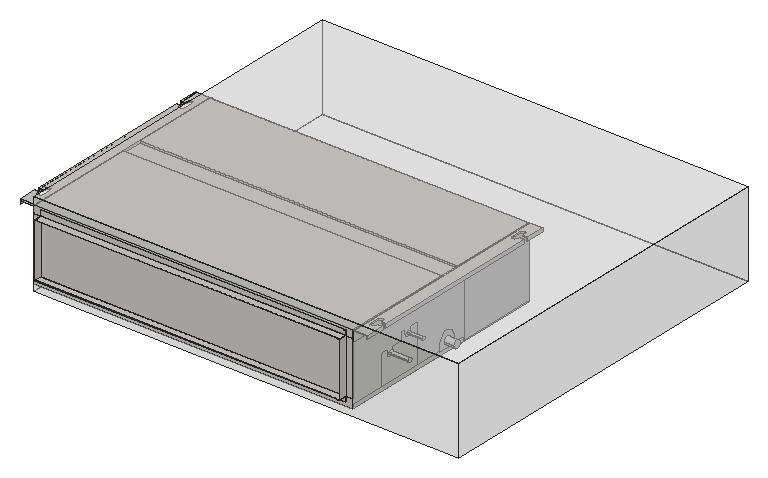
Revit family "outputfile", category 機械設備, Revit 2024
Family settings
  丸型コネクタ寸法 = 半径を使用
  パーツ タイプ = 標準
  OmniClass 番号 = 23.75.10.24.21.27.27
  OmniClass タイトル = Split System Air Conditioning Units
  作業面ベース = いいえ
  常に垂直 = はい
  ロード時にボイドで切り取り = いいえ
  注釈の向きを維持 = いいえ
  共有 = いいえ
  部屋計算ポイント = はい
Parameters (values of type "CDXM35RVM4")
  Description = ""
  書き出し IFC クラス(タイプ) = "IfcUnitaryEquipmentType"
  定義済み IFC タイプ(タイプ) = "AIRCONDITIONINGUNIT"
  Cost = 0
  Type Comments = ""
  Keynote = ""
  Type Image = (empty or 0)
  Assembly Code = ""
  switch_frequency = yes
  ld_powersupply = Depth / 2  # 310.0 mm
  製造元 = "Daikin"
  モデル = "CDXM35RVM4"
  r_Liquid Pipe Size = Liquid Pipe Size / 2  # 3.2 mm
  r_Gas Pipe Size = Gas Pipe Size / 2  # 4.75 mm
  r_Drain Pipe Size = Drain Pipe Size / 2  # 10.0 mm
  lw_powersupply = 50.0 mm  # constant formula
  lw_ductflange2 = 820.0 mm
  lw_Width = 860.0 mm
  lh_suctionflange [instance] = 100.0 mm  # constant formula
  ld_suctionflange [instance] = if(Rear Connection_Return Air, 190.0 mm, 100.0 mm)  # 190.0 mm
  connector_voltage = Voltage_50Hz  # 230 V
  connector_powerinput = if([Power Input (Cooling)] > [Power Input (Heating)], [Power Input (Cooling)], [Power Input (Heating)])  # 0.000 kW
  connector_phase = Phase_50Hz  # 1
  angle_vertical_RA [instance] = if(Rear Connection_Return Air, 90.00°, 0.00°)  # 90.00°
  angle horizontal_RA [instance] = if(Rear Connection_Return Air, 180.00°, 270.00°)  # 180.00°
  Voltage_comment_50Hz = "220 - 240"
  Voltage_50Hz = 230 V
  URL = ""
  Supply Air Direction [instance] = yes
  Sound Power Level_H speed (dB) = 0
  Rear Connection_Return Air [instance] = not(Bottom Connection_Return Air)  # yes
  RA_length [instance] = if(Rear Connection_Return Air, 190.0 mm, 100.0 mm)  # 190.0 mm
  Phase_50Hz = 1
  Minimum External Static Pressure = 0.00 Pa
  Minimum Circuit Amps_50Hz = 0.0 A
  Maximum Fuse Amps_50Hz = 0.0 A
  Maximum External Static Pressure = 40.00 Pa
  Material_Casing = DAIKIN_GalvanizedSteel_Casing_indoorunit
  lw_liquidpipe = 46.0 mm  # constant formula
  lw_gaspipe = 57.0 mm  # constant formula
  lw_mountinghole = 940.0 mm
  lw_drainpipe = 30.0 mm  # constant formula
  lh_powersupply = 150.0 mm  # constant formula
  lh_liquidpipe = 90.0 mm  # constant formula
  lh_gaspipe = 113.0 mm  # constant formula
  lh_mountinghole = Height  # 200.0 mm
  lh_drainpipe = 170.0 mm  # constant formula
  lh_antena = 1.0 mm  # constant formula
  ld_liquidpipe = 193.0 mm  # constant formula
  ld_gaspipe = 130.0 mm  # constant formula
  ld_mountinghole = 500.0 mm  # constant formula
  ld_drainpipe = 330.0 mm  # constant formula
  ld_controlbox = 626.0 mm  # constant formula
  h*** = 0.0 mm  # constant formula
  d_dischargeflange = 21.2 mm  # constant formula
  Width = 900.0 mm
  Version = "ver.1.0"
  Unit Type = "Duct (L.S.P)"
  Unit Mass Weight = 25.00 kg
  Unit Designation [instance] = ""
  Uniclass2015Version = "Products v1.30"
  Uniclass2015Title = "Split coil room air conditioning units"
  Uniclass2015Code = "Pr_70_65_03_86"
  Total Heating Capacity [instance] = 0.000 kW
  Total Cooling Capacity [instance] = 0.000 kW
  Sound Pressure Level_M speed (dBA) = 33
  Sound Pressure Level_L speed (dBA) = 31
  Sound Pressure Level_H speed (dBA) = 35
  Series = "Multi Split_Fan Coil Unit"
  Sensible Cooling Capacity [instance] = 0.000 kW
  SA Duct Size Width = 860.0 mm
  SA Duct Size Height = 153.0 mm
  Refrigerant Type = "R32"
  RA Duct Size Width = 780.0 mm
  RA Duct Size Height = 160.0 mm
  Power Input (Heating) = 0.000 kW
  Power Input (Cooling) = 0.000 kW
  Option Accessory 3 [instance] = ""
  Option Accessory 2 [instance] = ""
  Option Accessory 1 [instance] = ""
  Nominal Heating Capacity = 4.300 kW
  Nominal Cooling Capacity = 3.500 kW
  Minimum Airflow = 510.00 m³/h
  Median Airflow = 558.00 m³/h
  Maximum Airflow = 600.00 m³/h
  Load Classification = HVAC
  Liquid Pipe Size = 6.4 mm
  Link_Nested Family [instance] = ""
  IfcVersion = ""
  IfcExportType = "AIRCONDITIONINGUNIT"
  IfcExportAs = "IfcUnitaryEquipmentType"
  Height = 200.0 mm
  Heating Entering Wet Bulb Temperature [instance] = 0.00 °C
  Heating Entering Dry Bulb Temperature [instance] = 0.00 °C
  Heating Ambient Wet Bulb Temperature [instance] = 0.00 °C
  Heating Ambient Dry Bulb Temperature [instance] = 0.00 °C
  Heat Exchanger Type = "Cross Fin Coil"
  Gas Pipe Size = 9.5 mm
  Frequency_50Hz = 50 Hz
  Fan Type = "Sirocco Fan"
  Fan Drive = "Direct Drive"
  FCU Tag No. [instance] = ""
  Drain Pipe Size = 20.0 mm
  Design Supply Airflow [instance] = 0.00 m³/h
  Design Return Airflow [instance] = 0.00 m³/h
  Design External Static Pressure [instance] = 0.00 Pa
  Depth = 620.0 mm
  既定の高さ = 0.0 mm
  Cooling Entering Wet Bulb Temperature [instance] = 0.00 °C
  Cooling Entering Dry Bulb Temperature [instance] = 0.00 °C
  Cooling Ambient Wet Bulb Temperature [instance] = 0.00 °C
  Cooling Ambient Dry Bulb Temperature [instance] = 0.00 °C
  Clearance visibility [instance] = yes
  Clearance Top = 20.0 mm
  Clearance Right = 300.0 mm
  Clearance Rear = 400.0 mm
  Clearance Left = 0.0 mm
  Clearance Front = 0.0 mm
  Clearance Bottom = 20.0 mm
  Bottom Connection_Return Air [instance] = no
Reference planes
  plane 1 "Center (Front/Back)": y = 0
  plane 2: z = 0
  plane 3 "Center (Left/Right)": x = 0
  plane 4 "Back": y = 310
  plane 5 "Front": y = -310
  plane 6 "Left": x = -450
  plane 7 "Right": x = 450
  plane 8 "Top": z = 0
  plane 9 "Bottom": z = -200
  plane 10: x = -470
  plane 11: x = 470
  plane 12: y = 250
  plane 13: z = 0
  plane 14 "Clearance Left": x = -450
  plane 15 "Clearance Right": x = 750
  plane 16 "Clearance Rear": y = 710
  plane 17 "Clearance Front": y = -310
  plane 18 "Clearance Top": z = 20
  plane 19 "Clearance Bottom": z = -220
  plane 20: y = -250
  plane 21: z = -21
  plane 22: z = -97.5
  plane 23: x = -40
  plane 24: y = 120
  plane 25: z = -100
  plane 26: y = -180
  plane 27: z = -113
  plane 28: y = -117
  plane 29: z = -90
  plane 30: y = 20
  plane 31: z = -170
  plane 32: x = 507
  plane 33: x = 496
  plane 34: x = 480
  plane 35: x = 400
  plane 36: z = -150
Forms (mm)
  Extrusion 1, solid, material "DAIKIN_GalvanizedSteel_Casing_indoorunit" <- "Material_Casing"
    sketch origin (0, 0, 0) x (1, 0, 0) y (0, 1, 0)
      loop
        line (-450, -310) -> (450, -310) -> (450, 310) -> (-450, 310) -> (-450, -310)
    from -200 to 0
  Extrusion 2, void
    sketch origin (0, 0, 1) x (1, 0, 0) y (0, 1, 0)
      loop
        line (-450, 61.5) -> (-450, 3.5) -> (450, 3.5) -> (450, 61.5) -> (-450, 61.5)
    from -1 to -7
  Extrusion 3, solid, material "DAIKIN_GalvanizedSteel_Casing_indoorunit" <- "Material_Casing", visible <- "Bottom Connection_Return Air"
    sketch origin (0, 0, 0) x (1, 0, 0) y (0, 0, 1)
      loop
        line (369, -200) -> (369, -1) -> (-449, -1) -> (-449, -200) -> (369, -200)
    from -310 to -309
  Extrusion 4, solid, material "DAIKIN_GalvanizedSteel_Casing_indoorunit" <- "Material_Casing", visible <- "Rear Connection_Return Air"
    sketch origin (0, 0, 0) x (1, 0, 0) y (0, 1, 0)
      loop
        line (-449, 310) -> (-449, 111) -> (369, 111) -> (369, 310) -> (-449, 310)
    from -200 to -199
  Extrusion 5, solid, material "DAIKIN_GalvanizedSteel_Casing_indoorunit" <- "Material_Casing"
    sketch origin (450, 0, 0) x (0, 1, 0) y (0, 0, 1)
      loop
        circle (-180, -113) r 4.75
    from 0 to 57
  Extrusion 6, solid, material "DAIKIN_GalvanizedSteel_Casing_indoorunit" <- "Material_Casing"
    sketch origin (450, 0, 0) x (0, 1, 0) y (0, 0, 1)
      loop
        circle (-117, -90) r 3.2
    from 0 to 46
  Extrusion 7, solid, material "DAIKIN_GalvanizedSteel_Casing_indoorunit" <- "Material_Casing"
    sketch origin (450, 0, 0) x (0, 1, 0) y (0, 0, 1)
      loop
        circle (20, -170) r 10
    from 0 to 30
  Extrusion 8, solid, material "DAIKIN_GalvanizedSteel_Casing_indoorunit" <- "Material_Casing"
    sketch origin (450, 0, 0) x (0, 1, 0) y (0, 0, 1)
      loop
        line (-310, -200) -> (78.6, -200) -> (78.6, -193)
        arc (78.6, -193) -> (77.721, -190.879) -> (75.6, -190) r 3
        line (75.6, -190) -> (-310, -190) -> (-310, -200)
    from 0 to -1
  Extrusion 9, solid, material "DAIKIN_GalvanizedSteel_Casing_indoorunit" <- "Material_Casing"
    sketch origin (450, 0, 0) x (0, 1, 0) y (0, 0, 1)
      loop
        line (-210, -190) -> (-85.6, -190) -> (-85.6, -83)
        arc (-85.6, -83) -> (-86.479, -80.879) -> (-88.6, -80) r 3
        line (-88.6, -80) -> (-102, -80)
        arc (-102, -80) -> (-104.121, -80.879) -> (-105, -83) r 3
        line (-105, -83) -> (-105, -90)
        arc (-105, -90) -> (-117, -102) -> (-129, -90) r 12
        line (-129, -90) -> (-129, -83)
        arc (-129, -83) -> (-129.879, -80.879) -> (-132, -80) r 3
        line (-132, -80) -> (-136.1, -80)
        arc (-136.1, -80) -> (-138.221, -80.879) -> (-139.1, -83) r 3
        line (-139.1, -83) -> (-139.1, -102.7) -> (-165, -102.7)
        arc (-165, -102.7) -> (-167.121, -103.579) -> (-168, -105.7) r 3
        line (-168, -105.7) -> (-168, -113)
        arc (-168, -113) -> (-180, -125) -> (-192, -113) r 12
        line (-192, -113) -> (-192, -105.7)
        arc (-192, -105.7) -> (-192.879, -103.579) -> (-195, -102.7) r 3
        line (-195, -102.7) -> (-207, -102.7)
        arc (-207, -102.7) -> (-209.121, -103.579) -> (-210, -105.7) r 3
        line (-210, -105.7) -> (-210, -190)
    from 0 to -1
  Extrusion 10, solid, material "DAIKIN_GalvanizedSteel_Casing_indoorunit" <- "Material_Casing"
    sketch origin (450, 0, 0) x (0, 1, 0) y (0, 0, 1)
      loop
        arc (44.5, -170) -> (20, -145.5) -> (-4.5, -170) r 24.5
        line (-4.5, -170) -> (-4.5, -190) -> (44.5, -190) -> (44.5, -170)
    from 0 to -1
  Extrusion 11, solid, material "DAIKIN_GalvanizedSteel_Casing_indoorunit" <- "Material_Casing"
    sketch origin (450, 0, 0) x (0, 1, 0) y (0, 0, 1)
      loop
        arc (86.6, -22) -> (84.479, -22.879) -> (83.6, -25) r 3
        line (83.6, -25) -> (83.6, -194.5)
        arc (83.6, -194.5) -> (84.479, -196.621) -> (86.6, -197.5) r 3
        line (86.6, -197.5) -> (307, -197.5)
        arc (307, -197.5) -> (309.121, -196.621) -> (310, -194.5) r 3
        line (310, -194.5) -> (310, -25)
        arc (310, -25) -> (309.121, -22.879) -> (307, -22) r 3
        line (307, -22) -> (86.6, -22)
    from 0 to -1
Cuts and joins
  Extrusion 2 cuts Extrusion 1
Dimensions and locks
  "Height": plane 8 "Top" to plane 9 "Bottom"
  equal spacing: plane 10, plane 3 "Center (Left/Right)", plane 11
  "lw_mountinghole": plane 10 to plane 11
  equal spacing: plane 6 "Left", plane 3 "Center (Left/Right)", plane 7 "Right"
  "Width": plane 6 "Left" to plane 7 "Right"
  "Clearance Right": plane 7 "Right" to plane 15 "Clearance Right"
  "Clearance Left": plane 14 "Clearance Left" to plane 6 "Left"
  "Clearance Rear": plane 16 "Clearance Rear" to plane 4 "Back"
  "Clearance Front": plane 5 "Front" to plane 17 "Clearance Front"
  "Clearance Top": plane 18 "Clearance Top" to plane 8 "Top"
  "Clearance Bottom": plane 9 "Bottom" to plane 19 "Clearance Bottom"
  "Depth": plane 4 "Back" to plane 5 "Front"
  equal spacing: plane 4 "Back", plane 1 "Center (Front/Back)", plane 5 "Front"
  Extrusion 3 sketch curve to Extrusion 3 sketch curve = 199.0 mm
  locked: plane 20 to plane 5 "Front" at 60
  "ld_mountinghole": plane 12 to plane 20
  locked: plane 8 "Top" to plane 21 at 21
  locked: plane 23 to plane 3 "Center (Left/Right)" at 40
  "ld_suctionflange": plane 4 "Back" to plane 24
  "lh_suctionflange": plane 8 "Top" to plane 25
  "ld_gaspipe": plane 26 to plane 5 "Front"
  "lh_gaspipe": plane 8 "Top" to plane 27
  "ld_liquidpipe": plane 28 to plane 5 "Front"
  "lh_liquidpipe": plane 8 "Top" to plane 29
  "ld_drainpipe": plane 30 to plane 5 "Front"
  "lh_drainpipe": plane 8 "Top" to plane 31
  "lw_gaspipe": plane 7 "Right" to plane 32
  "lw_liquidpipe": plane 7 "Right" to plane 33
  "lw_drainpipe": plane 7 "Right" to plane 34
  "lw_powersupply": plane 35 to plane 7 "Right"
  "lh_powersupply": plane 8 "Top" to plane 36
  "r_Gas Pipe Size": radius of Extrusion 5 sketch curve
  "r_Liquid Pipe Size": radius of Extrusion 6 sketch curve
  "r_Drain Pipe Size": radius of Extrusion 7 sketch curve
  aligned and locked: level to plane 2
  aligned and locked: Extrusion 1 to plane 9 "Bottom"
  aligned and locked: plane 8 "Top" to Extrusion 1
  aligned and locked: plane 11 to nested 2
  aligned and locked: plane 10 to nested 3
  aligned and locked: plane 10 to nested 4
  aligned and locked: plane 8 "Top" to Extrusion 2
  aligned and locked: plane 9 "Bottom" to Extrusion 4  (x2)
  aligned and locked: plane 7 "Right" to cut or joined group of Extrusion 1, Extrusion 2  (x2)
  aligned and locked: plane 3 "Center (Left/Right)" to nested 9
  aligned and locked: plane 6 "Left" to nested 7
  aligned and locked: plane 8 "Top" to nested 9
  aligned and locked: plane 11 to nested 1
  aligned and locked: nested 6 to plane 1 "Center (Front/Back)"
  aligned and locked: plane 3 "Center (Left/Right)" to nested 6
  aligned and locked: level to plane 8 "Top"
  aligned and locked: plane 1 "Center (Front/Back)" to nested 9
  aligned and locked: plane 5 "Front" to nested 10
  aligned and locked: Extrusion 1 sketch curve to plane 5 "Front"
  aligned and locked: plane 21 to nested 10
  aligned and locked: nested 5 to plane 5 "Front"
  aligned and locked: plane 3 "Center (Left/Right)" to nested 5
  aligned and locked: plane 22 to nested 5
  aligned and locked: Extrusion 2 sketch curve to plane 6 "Left"
  aligned and locked: plane 7 "Right" to Extrusion 2 sketch curve
  aligned and locked: nested 11 to plane 23
  aligned and locked: nested 11 to plane 24
  aligned and locked: plane 27 to Extrusion 5 sketch curve
  aligned and locked: plane 26 to Extrusion 5 sketch curve
  aligned and locked: plane 28 to Extrusion 6 sketch curve
  aligned and locked: plane 29 to Extrusion 6 sketch curve
  aligned and locked: plane 31 to Extrusion 7 sketch curve
  aligned and locked: plane 30 to Extrusion 7 sketch curve
  aligned and locked: plane 26 to nested 12
  aligned and locked: nested 12 to plane 27
  aligned and locked: plane 32 to Extrusion 5
  aligned and locked: plane 32 to nested 12
  aligned and locked: plane 33 to Extrusion 6
  aligned and locked: plane 28 to nested 13
  aligned and locked: nested 13 to plane 29
  aligned and locked: plane 33 to nested 13
  aligned and locked: plane 34 to Extrusion 7
  aligned and locked: plane 30 to nested 14
  aligned and locked: nested 14 to plane 31
  aligned and locked: plane 34 to nested 14
  aligned and locked: Extrusion 8 sketch curve to plane 9 "Bottom"
  aligned and locked: Extrusion 8 sketch curve to plane 5 "Front"
  aligned and locked: plane 14 "Clearance Left" to nested 15
  aligned and locked: plane 15 "Clearance Right" to nested 15
  aligned and locked: plane 16 "Clearance Rear" to nested 15
  aligned and locked: nested 15 to plane 17 "Clearance Front"
  aligned and locked: nested 15 to plane 18 "Clearance Top"
  aligned and locked: nested 15 to plane 19 "Clearance Bottom"
  aligned and locked: nested 16 to plane 35
  aligned and locked: nested 16 to plane 36
  aligned and locked: plane 4 "Back" to nested 16
Automatic sketch dimensions
  Extrusion 1 sketch curve to plane 4 "Back" = 0.0 mm
  Extrusion 1 sketch curve to plane 6 "Left" = 0.0 mm
  Extrusion 1 sketch curve to plane 7 "Right" = 0.0 mm
  Extrusion 4 sketch curve to plane 4 "Back" = 0.0 mm
  plane 6 "Left" to Extrusion 3 sketch curve = 1.0 mm
  plane 6 "Left" to Extrusion 4 sketch curve = 1.0 mm
  Extrusion 4 sketch curve to plane 1 "Center (Front/Back)" = 111.0 mm
  Extrusion 3 sketch curve to plane 9 "Bottom" = 0.0 mm
  Extrusion 3 sketch curve to plane 7 "Right" = 81.0 mm
  Extrusion 4 sketch curve to plane 7 "Right" = 81.0 mm
  Extrusion 2 sketch curve to plane 1 "Center (Front/Back)" = 3.5 mm
  Extrusion 2 sketch curve to Extrusion 2 sketch curve = 58.0 mm
  plane 9 "Bottom" to Extrusion 8 sketch curve = 7.0 mm
  Extrusion 8 sketch curve to plane 24 = 44.4 mm
  Extrusion 8 sketch curve to Extrusion 8 sketch curve = 3.0 mm
  Extrusion 9 sketch curve to plane 27 = 0.0 mm
  Extrusion 9 sketch curve to plane 26 = 0.0 mm
  Extrusion 9 sketch curve to plane 29 = 0.0 mm
  Extrusion 9 sketch curve to plane 28 = 0.0 mm
  Extrusion 9 sketch curve to plane 26 = 12.0 mm
  Extrusion 9 sketch curve to plane 25 = 2.7 mm  (x2)
  Extrusion 9 sketch curve to Extrusion 9 sketch curve = 3.0 mm  (x6)
  Extrusion 9 sketch curve to Extrusion 9 sketch curve = 12.0 mm
  plane 9 "Bottom" to Extrusion 9 sketch curve = 10.0 mm
  Extrusion 9 sketch curve to plane 26 = 30.0 mm
  Extrusion 9 sketch curve to plane 28 = 22.1 mm
  Extrusion 9 sketch curve to Extrusion 9 sketch curve = 4.1 mm
  plane 29 to Extrusion 9 sketch curve = 7.0 mm  (x2)
  Extrusion 9 sketch curve to Extrusion 9 sketch curve = 13.4 mm
  Extrusion 10 sketch curve to plane 30 = 0.0 mm
  Extrusion 10 sketch curve to plane 31 = 0.0 mm
  plane 1 "Center (Front/Back)" to Extrusion 10 sketch curve = 4.5 mm
  plane 9 "Bottom" to Extrusion 10 sketch curve = 10.0 mm
  Extrusion 11 sketch curve to plane 4 "Back" = 0.0 mm
  Extrusion 11 sketch curve to Extrusion 11 sketch curve = 3.0 mm  (x3)
  Extrusion 11 sketch curve to plane 21 = 1.0 mm
  Extrusion 11 sketch curve to plane 21 = 4.0 mm
  Extrusion 11 sketch curve to plane 24 = 33.4 mm
  plane 9 "Bottom" to Extrusion 11 sketch curve = 5.5 mm
Nested families
  nested 1: "daikin_mountinghole" at (470, 250, -200), l_antenna <- "lh_antena", Link_Nested Family <- "Link_Nested Family", h_mountinghole <- "lh_mountinghole", type "daikin_mountinghole"
    with show yes, l_antenna 1.0 mm, h_mountinghole 200.0 mm, Link_Nested Family ""
  nested 2: "daikin_mountinghole" at (470, -250, -200), Link_Nested Family <- "Link_Nested Family", l_antenna <- "lh_antena", h_mountinghole <- "lh_mountinghole", type "daikin_mountinghole"
    with show yes, l_antenna 1.0 mm, h_mountinghole 200.0 mm, Link_Nested Family ""
  nested 3: "daikin_mountinghole" at (-470, -250, -200), l_antenna <- "lh_antena", Link_Nested Family <- "Link_Nested Family", h_mountinghole <- "lh_mountinghole", type "daikin_mountinghole"
    with show yes, l_antenna 1.0 mm, h_mountinghole 200.0 mm, Link_Nested Family ""
  nested 4: "daikin_mountinghole" at (-470, 250, -200), l_antenna <- "lh_antena", Link_Nested Family <- "Link_Nested Family", h_mountinghole <- "lh_mountinghole", type "daikin_mountinghole"
    with show yes, l_antenna 1.0 mm, h_mountinghole 200.0 mm, Link_Nested Family ""
  nested 5: "daikin_connector_rotate2" at (0, -310, -97.5), length <- "d_dischargeflange", type "daikin_connector_rotate2"
    with radius 10.0 mm, length 21.2 mm, angle_vertical 90.00°, show_face no
  nested 6: "daikin_△_symbolicline" at (-75, -129.904, 200) x (-0.5, 0.866, 0) z (0, 0, 1), built-in parameter 1001364 <- "Height", visible <- "Supply Air Direction", type "daikin_△_symbolicline"
    with length 300.0 mm
  nested 7: "daikin_ductflange_CDXM-RVM4_1" at (-40, 310, -100), visible <- "Rear Connection_Return Air", material <- "Material_Casing", width <- "lw_ductflange2", type "daikin_ductflange_CDXM-RVM4_1"
    with width 820.0 mm, material DAIKIN_GalvanizedSteel_Casing_indoorunit, height 180.0 mm, depth 21.2 mm
  nested 8: "daikin_ductflange_CDXM-RVM4_1" at (-40, 210, -200) x (1, 0, 0) z (0, 1, 0), visible <- "Bottom Connection_Return Air", material <- "Material_Casing", width <- "lw_ductflange2", type "daikin_ductflange_CDXM-RVM4_1"
    with width 820.0 mm, material DAIKIN_GalvanizedSteel_Casing_indoorunit, height 180.0 mm, depth 21.2 mm
  nested 9: "daikin_hangerfixture_CDXM-RVM4" at (0, 0, 0), type "daikin_hangerfixture_CDXM-RVM4"
    with width 900.0 mm
  nested 10: "daikin_ductflange_CDXM-RVM4" at (0, 3.5, -364.201), width <- "lw_Width", material <- "Material_Casing", type "daikin_ductflange_CDXM-RVM4"
    with width 860.0 mm, material DAIKIN_GalvanizedSteel_Casing_indoorunit, height 155.0 mm, depth 21.2 mm
  nested 11: "daikin_connector_rotate3" at (-40, 120, -100), length <- "RA_length", angle_vertical <- "angle_vertical_RA", angle_horizontal <- "angle horizontal_RA", type "daikin_connector_rotate3"
    with show no, radius 10.0 mm, length 190.0 mm, angle_vertical 90.00°, angle_horizontal 180.00°
  nested 12: "daikin_connector_rotate2" at (450, -180, -113) x (0, 1, 0) z (0, 0, 1), length <- "lw_gaspipe", radius <- "r_Gas Pipe Size", type "daikin_connector_rotate2"
    with radius 4.75 mm, length 57.0 mm, angle_vertical 90.00°, show_face no
  nested 13: "daikin_connector_rotate2" at (450, -117, -90) x (0, 1, 0) z (0, 0, 1), radius <- "r_Liquid Pipe Size", length <- "lw_liquidpipe", type "daikin_connector_rotate2"
    with radius 3.2 mm, length 46.0 mm, angle_vertical 90.00°, show_face no
  nested 14: "daikin_connector_rotate2" at (450, 20, -170) x (0, 1, 0) z (0, 0, 1), radius <- "r_Drain Pipe Size", length <- "lw_drainpipe", type "daikin_connector_rotate2"
    with radius 10.0 mm, length 30.0 mm, angle_vertical 90.00°, show_face no
  nested 15: "daikin_clearancespace" at (150, 200, -99.881), visible <- "Clearance visibility", Link_Nested Family <- "Link_Nested Family", show <- "Clearance visibility", type "daikin_clearancespace"
    with width 1200.0 mm, show yes, height 240.0 mm, depth 1020.0 mm, Link_Nested Family ""
  nested 16: "daikin_connector_rotate2" at (400, 0, -150) x (-1, 0, 0) z (0, 0, 1), length <- "ld_powersupply", type "daikin_connector_rotate2"
    with radius 10.0 mm, length 310.0 mm, angle_vertical 90.00°, show_face no
Connectors
  hvac at (0, -331.2, -97.5), driven by "SA Duct Size Height", driven by "SA Duct Size Width"
    settings: on nested 5, index 1, duct flow 0.00 m³/h, flow factor 0, pres drop 0.00 Pa, loss coef 0, conn angle 0.00°, conn width 860.0 mm, conn height 153.0 mm, conn diameter 609.6 mm, duct sys type 1, conn prof type 1, flow config 0, flow direction 2, loss method 4, conn ref index -1, conn util no, is conn primary yes, conn desc "SA Duct"
  hvac at (-40, 310, -100), driven by "RA Duct Size Height", driven by "RA Duct Size Width"
    settings: on nested 11, index 2, duct flow 0.00 m³/h, flow factor 0, pres drop 0.00 Pa, loss coef 0, conn angle 0.00°, conn width 780.0 mm, conn height 160.0 mm, conn diameter 609.6 mm, duct sys type 2, conn prof type 1, flow config 0, flow direction 1, loss method 4, conn ref index -1, conn util no, is conn primary no, conn desc "RA Duct"
  piping at (507, -180, -113), diameter 9.5, driven by "r_Gas Pipe Size"
    settings: on nested 12, index 3, connector inside diameter 609.6 mm, connector length 0.0 mm, flow factor 0, pipe flow 0.00 m³/h, pressure drop 0.0 Pa, fitting loss kfactor 0, connector angle 0.00°, fixture units 0, engagement length 0.0 mm, angle of deflection 0.00°, flow configuration 1, flow direction 2, fitting loss method 0, system type 29, joint type 0, gender type 0, connector reference index -1, connector utility 0, adjustable connector no, is connector primary yes, connector description "Refrigerant Gas Piping"
  piping at (496, -117, -90), diameter 6.4, driven by "r_Liquid Pipe Size"
    settings: on nested 13, index 4, connector inside diameter 609.6 mm, connector length 0.0 mm, flow factor 0, pipe flow 0.00 m³/h, pressure drop 0.0 Pa, fitting loss kfactor 0, connector angle 0.00°, fixture units 0, engagement length 0.0 mm, angle of deflection 0.00°, flow configuration 1, flow direction 1, fitting loss method 0, system type 29, joint type 0, gender type 0, connector reference index -1, connector utility 0, adjustable connector no, is connector primary no, connector description "Refrigerant Liquid Piping"
  piping at (480, 20, -170), diameter 20, driven by "r_Drain Pipe Size"
    settings: on nested 14, index 5, connector inside diameter 609.6 mm, connector length 0.0 mm, flow factor 0, pipe flow 0.00 m³/h, pressure drop 0.0 Pa, fitting loss kfactor 0, connector angle 0.00°, fixture units 0, engagement length 0.0 mm, angle of deflection 0.00°, flow configuration 1, flow direction 2, fitting loss method 4, system type 16, joint type 0, gender type 0, connector reference index -1, connector utility 0, adjustable connector no, is connector primary no, connector description "Condensate Drain Piping"
  electrical at (400, 310, -150), driven by "Load Classification", driven by "connector_phase", driven by "connector_voltage", driven by "connector_powerinput"
    settings: on nested 16, index 6, voltage 230 V, apparent load 0 VA, apparent load phase1 0 VA, apparent load phase2 0 VA, apparent load phase3 0 VA, power factor 1, load classification "HVAC", number of poles 1, system type 30, power factor state 1, is connector primary yes, connector utility no, sub classification motor no, connector description "Power Supply"
Definition of nested family "daikin_ductflange_CDXM-RVM4_1"
  Parameters (values of type "daikin_ductflange_CDXM-RVM4_1")
    width [instance] = 620.0 mm
    material [instance] = none
    height [instance] = 180.0 mm
    depth [instance] = 21.2 mm
    Default Elevation = 0.0 mm
  Reference planes
    plane 1 "Center (Front/Back)": y = 0
    plane 2: z = 0
    plane 3 "Center (Left/Right)": x = 0
    plane 4: x = -310
    plane 5: x = 310
    plane 6: z = 90
    plane 7: z = -90
    plane 8: z = 100
    plane 9: z = -100
    plane 10: x = -309
    plane 11: x = 309
  Forms (mm)
    Extrusion 1, solid, material <- "material"
      sketch origin (0, 0, 0) x (1, 0, 0) y (0, 0, 1)
        loop
          line (-290, 80) -> (-290, -80) -> (290, -80) -> (290, 80) -> (-290, 80)
        loop
          line (-309, -99) -> (309, -99) -> (309, 99) -> (-309, 99) -> (-309, -99)
      from 0 to 1
  Dimensions and locks
    equal spacing: plane 5, plane 3 "Center (Left/Right)", plane 4, locked at 310 each
    "width": plane 5 to plane 4
    equal spacing: plane 6, level, plane 7, locked at 90 each
    "height": plane 6 to plane 7
    equal spacing: plane 8, level, plane 9, locked at 100 each
    locked: plane 8 to plane 9 at 200
    plane 10 to plane 4 = 1.0 mm
    locked: plane 5 to plane 11 at 1
    locked: Extrusion 1 sketch curve to Extrusion 1 sketch curve at 19  (x4)
    locked: plane 8 to Extrusion 1 sketch curve at 1
    locked: Extrusion 1 sketch curve to plane 9 at 1
    aligned and locked: level to plane 2
  Automatic sketch dimensions
    plane 4 to Extrusion 1 sketch curve = 1.0 mm
    Extrusion 1 sketch curve to plane 5 = 1.0 mm
Definition of nested family "daikin_hangerfixture_CDXM-RVM4"
  Parameters (values of type "daikin_hangerfixture_CDKS-EAVMA")
    width = 700.0 mm
    material = none
    height = 30.0 mm
    depth = 618.0 mm
    Default Elevation = 0.0 mm
  Reference planes
    plane 1 "Center (Front/Back)": y = 0
    plane 2: z = 0
    plane 3 "Center (Left/Right)": x = 0
    plane 4: x = 350
    plane 5: y = 309
    plane 6: y = -309
    plane 7: x = -350
    plane 8: z = -30
  Forms (mm)
    Extrusion 1, solid, material <- "material"
      sketch origin (0, 0, 0) x (1, 0, 0) y (0, 0, 1)
        loop
          line (350, 0) -> (350, -30) -> (352.3, -30) -> (352.3, -2.3) -> (387.7, -2.3) -> (387.7, -10) -> (390, -10) -> (390, 0) -> (350, 0)
      from -309 to 309
    Extrusion 2, void
      sketch origin (0, 0, 0) x (0, 1, 0) y (0, 0, 1)
        loop
          line (309, -30) -> (309, -17.979) -> (87.935, -17.979) -> (75.914, -30) -> (309, -30)
      from 0 to 450
    Extrusion 3, void
      sketch origin (0, 0, 0) x (1, 0, 0) y (0, 1, 0)
        loop
          line (390, -243.5) -> (377, -243.5) -> (377, -237)
          arc (377, -237) -> (370, -230) -> (363, -237) r 7
          line (363, -237) -> (363, -263)
          arc (363, -263) -> (370, -270) -> (377, -263) r 7
          line (377, -263) -> (377, -256.5) -> (390, -256.5) -> (390, -243.5)
        loop
          line (390, 243.5) -> (390, 256.5) -> (377, 256.5) -> (377, 263)
          arc (377, 263) -> (370, 270) -> (363, 263) r 7
          line (363, 263) -> (363, 237)
          arc (363, 237) -> (370, 230) -> (377, 237) r 7
          line (377, 237) -> (377, 243.5) -> (390, 243.5)
      from -254.96 to 618
    Extrusion 4, solid, material <- "material"
      sketch origin (0, 0, 0) x (-1, 0, 0) y (0, 0, -1)
        loop
          line (350, 0) -> (390, 0) -> (390, 10) -> (387.7, 10) -> (387.7, 2.3) -> (352.3, 2.3) -> (352.3, 30) -> (350, 30) -> (350, 0)
      from -309 to 309
    Extrusion 5, void
      sketch origin (0, 0, 0) x (-1, 0, 0) y (0, -1, 0)
        loop
          line (390, 243.5) -> (390, 256.5) -> (377, 256.5) -> (377, 263)
          arc (377, 263) -> (370, 270) -> (363, 263) r 7
          line (363, 263) -> (363, 237)
          arc (363, 237) -> (370, 230) -> (377, 237) r 7
          line (377, 237) -> (377, 243.5) -> (390, 243.5)
        loop
          line (390, -243.5) -> (377, -243.5) -> (377, -237)
          arc (377, -237) -> (370, -230) -> (363, -237) r 7
          line (363, -237) -> (363, -263)
          arc (363, -263) -> (370, -270) -> (377, -263) r 7
          line (377, -263) -> (377, -256.5) -> (390, -256.5) -> (390, -243.5)
      from -254.96 to 618
  Cuts and joins
    Extrusion 2, Extrusion 3, Extrusion 5 cuts Extrusion 1
    Extrusion 5 cuts Extrusion 4
  Dimensions and locks
    equal spacing: plane 5, plane 1 "Center (Front/Back)", plane 6
    "depth": plane 5 to plane 6
    plane 6 to plane 1 "Center (Front/Back)" to plane 5 = 309.0 mm, 309.0 mm
    equal spacing: plane 4, plane 3 "Center (Left/Right)", plane 7
    "width": plane 4 to plane 7
    "height": level to plane 8
    aligned and locked: level to plane 2
    aligned and locked: plane 5 to Extrusion 1
    aligned and locked: Extrusion 1 to plane 6
    aligned and locked: Extrusion 1 to plane 4
    aligned and locked: plane 5 to cut or joined group of Extrusion 1, Extrusion 2, Extrusion 3, Extrusion 5
    aligned and locked: cut or joined group of Extrusion 1, Extrusion 2, Extrusion 3, Extrusion 5 to plane 6
    aligned and locked: level to cut or joined group of Extrusion 1, Extrusion 2, Extrusion 3, Extrusion 5
    aligned and locked: cut or joined group of Extrusion 1, Extrusion 2, Extrusion 3, Extrusion 5 to plane 8
    aligned and locked: plane 5 to cut or joined group of Extrusion 4, Extrusion 5
    aligned and locked: cut or joined group of Extrusion 4, Extrusion 5 to plane 6
  Automatic sketch dimensions
    Extrusion 1 sketch curve to plane 4 = 0.0 mm
    Extrusion 1 sketch curve to plane 8 = 0.0 mm
    Extrusion 1 sketch curve to level = 0.0 mm
    plane 4 to Extrusion 1 sketch curve = 2.3 mm
    Extrusion 1 sketch curve to level = 2.3 mm
    Extrusion 1 sketch curve to Extrusion 1 sketch curve = 35.4 mm
    Extrusion 1 sketch curve to Extrusion 1 sketch curve = 2.3 mm
    Extrusion 1 sketch curve to Extrusion 1 sketch curve = 7.7 mm
    Extrusion 2 sketch curve to plane 8 = 0.0 mm
    Extrusion 2 sketch curve to plane 5 = 0.0 mm
    plane 8 to Extrusion 2 sketch curve = 12.021 mm
    Extrusion 2 sketch curve to plane 1 "Center (Front/Back)" = 87.935 mm
    Extrusion 2 sketch curve to Extrusion 2 sketch curve = 12.021 mm
    plane 4 to Extrusion 3 sketch curve = 13.0 mm  (x2)
    Extrusion 3 sketch curve to Extrusion 3 sketch curve = 7.0 mm  (x4)
    Extrusion 3 sketch curve to Extrusion 3 sketch curve = 13.0 mm  (x4)
    plane 6 to Extrusion 3 sketch curve = 46.0 mm
    Extrusion 3 sketch curve to Extrusion 3 sketch curve = 6.5 mm  (x4)
    Extrusion 3 sketch curve to plane 5 = 72.0 mm
    Extrusion 4 sketch curve to plane 7 = 0.0 mm
    Extrusion 4 sketch curve to plane 8 = 0.0 mm
    Extrusion 4 sketch curve to level = 0.0 mm
    Extrusion 4 sketch curve to plane 7 = 2.3 mm
    Extrusion 4 sketch curve to level = 2.3 mm
    Extrusion 4 sketch curve to Extrusion 4 sketch curve = 35.4 mm
    Extrusion 4 sketch curve to Extrusion 4 sketch curve = 2.3 mm
    Extrusion 4 sketch curve to Extrusion 4 sketch curve = 7.7 mm
    Extrusion 5 sketch curve to plane 7 = 13.0 mm  (x2)
    Extrusion 5 sketch curve to Extrusion 5 sketch curve = 7.0 mm  (x4)
    Extrusion 5 sketch curve to Extrusion 5 sketch curve = 13.0 mm  (x4)
    Extrusion 5 sketch curve to plane 5 = 46.0 mm
    Extrusion 5 sketch curve to Extrusion 5 sketch curve = 6.5 mm  (x4)
    plane 6 to Extrusion 5 sketch curve = 72.0 mm
Definition of nested family "daikin_ductflange_CDXM-RVM4"
  Parameters (values of type "daikin_ductflange_FXDQ-NDVET")
    width [instance] = 660.0 mm
    material [instance] = none
    height [instance] = 155.0 mm
    depth [instance] = 21.2 mm
    Default Elevation = 0.0 mm
  Reference planes
    plane 1 "Center (Front/Back)": y = 0
    plane 2: z = 189.201
    plane 3 "Center (Left/Right)": x = 0
    plane 4: y = -313.5
    plane 5: x = -330
    plane 6: x = 330
    plane 7: y = -334.7
    plane 8: z = 344.201
    plane 9: z = 266.701
    plane 10: z = 343.201
    plane 11: z = 190.201
  Forms (mm)
    Extrusion 1, solid, material <- "material"
      sketch origin (0, 0, 189.201) x (1, 0, 0) y (0, 1, 0)
        loop
          line (-330, -334.7) -> (-330, -313.5) -> (-350, -313.5) -> (-350, -314.5) -> (-331, -314.5) -> (-331, -334.7) -> (-330, -334.7)
        loop
          line (330, -334.7) -> (331, -334.7) -> (331, -314.5) -> (350, -314.5) -> (350, -313.5) -> (330, -313.5) -> (330, -334.7)
      from 1 to 154
    Extrusion 2, solid, material <- "material"
      sketch origin (0, 0, 0) x (0, 1, 0) y (0, 0, 1)
        loop
          line (-313.5, 343.201) -> (-313.5, 358.201) -> (-314.5, 358.201) -> (-314.5, 344.201) -> (-334.7, 344.201) -> (-334.7, 343.201) -> (-313.5, 343.201)
        loop
          line (-313.5, 190.201) -> (-334.7, 190.201) -> (-334.7, 189.201) -> (-314.5, 189.201) -> (-314.5, 175.201) -> (-313.5, 175.201) -> (-313.5, 190.201)
      from -330 to 330
  Dimensions and locks
    plane 4 to plane 1 "Center (Front/Back)" = 313.5 mm
    "depth": plane 7 to plane 4
    equal spacing: plane 8, plane 9, level
    "height": plane 8 to level
    equal spacing: plane 6, plane 3 "Center (Left/Right)", plane 5
    "width": plane 6 to plane 5
    locked: plane 8 to plane 10 at 1
    locked: plane 11 to level at 1
    locked: Extrusion 1 to Extrusion 2 sketch curve at 1
    locked: Extrusion 2 sketch curve to Extrusion 1 at 1
    plane 10 to plane 11 = 153.0 mm
    aligned and locked: level to plane 2
    aligned and locked: Extrusion 2 to plane 5
    aligned and locked: Extrusion 2 to plane 11
    aligned and locked: Extrusion 2 to plane 10
    aligned and locked: plane 6 to Extrusion 2
    aligned and locked: plane 5 to Extrusion 2  (x2)
    aligned and locked: plane 5 to Extrusion 1  (x2)
    aligned and locked: Extrusion 1 to plane 6
    aligned and locked: plane 6 to Extrusion 1
    aligned and locked: Extrusion 1 to plane 10
  Automatic sketch dimensions
    Extrusion 2 sketch curve to plane 7 = 0.0 mm  (x2)
    Extrusion 2 sketch curve to plane 4 = 0.0 mm  (x2)
    Extrusion 2 sketch curve to plane 11 = 0.0 mm
    Extrusion 2 sketch curve to plane 10 = 0.0 mm
    Extrusion 2 sketch curve to plane 4 = 1.0 mm  (x2)
    Extrusion 2 sketch curve to level = 14.0 mm
    plane 8 to Extrusion 2 sketch curve = 14.0 mm
    Extrusion 1 sketch curve to plane 4 = 0.0 mm  (x2)
    Extrusion 1 sketch curve to plane 7 = 0.0 mm  (x2)
    Extrusion 1 sketch curve to plane 5 = 0.0 mm
    Extrusion 1 sketch curve to plane 6 = 0.0 mm
    Extrusion 1 sketch curve to plane 5 = 1.0 mm
    Extrusion 1 sketch curve to Extrusion 1 sketch curve = 19.0 mm  (x2)
    Extrusion 1 sketch curve to Extrusion 1 sketch curve = 1.0 mm
    Extrusion 1 sketch curve to plane 4 = 1.0 mm  (x2)
Definition of nested family "daikin_clearancespace"
  Parameters (values of type "daikin_clearancespace")
    Description = "daikin_clearancespace"
    width [instance] = 1823.963 mm
    show [instance] = yes
    material = none
    height [instance] = 1359.762 mm
    depth [instance] = 880.0 mm
    Default Elevation = 0.0 mm
    Link_Nested Family [instance] = ""
  Reference planes
    plane 1 "Center (Front/Back)": y = 0
    plane 2 "Center (Elevation)": z = -0.119
    plane 3 "Center (Left/Right)": x = 0
    plane 4: y = 440
    plane 5: y = -440
    plane 6 "Right": x = 911.982
    plane 7 "Left": x = -911.982
    plane 8 "Top": z = 679.762
    plane 9 "Bottom": z = -680
  Forms (mm)
    Extrusion 1, solid, material <- "material", visible <- "show"
      sketch origin (0, 0, 0) x (1, 0, 0) y (0, 1, 0)
        loop
          line (-911.982, 440) -> (-911.982, -440) -> (911.982, -440) -> (911.982, 440) -> (-911.982, 440)
      from -680 to 679.762
  Lines and regions (mm)
    symbolic lines, visible <- "show"
      curve 1: line (911.982, 440, 0) -> (-911.982, 440, 0)
      curve 2: line (-911.982, 440, 0) -> (-911.982, -440, 0)
      curve 3: line (-911.982, -440, 0) -> (911.982, -440, 0)
      curve 4: line (911.982, -440, 0) -> (911.982, 440, 0)
      curve 5: line (911.982, 0, 679.762) -> (-911.982, 0, 679.762)
      curve 6: line (911.982, 0, -680) -> (911.982, 0, 679.762)
      curve 7: line (-911.982, 0, -680) -> (911.982, 0, -680)
      curve 8: line (-911.982, 0, 679.762) -> (-911.982, 0, -680)
      curve 9: line (0, 440, 679.762) -> (0, -440, 679.762)
      curve 10: line (0, -440, 679.762) -> (0, -440, -680)
      curve 11: line (0, 440, -680) -> (0, 440, 679.762)
      curve 12: line (0, -440, -680) -> (0, 440, -680)
  Dimensions and locks
    "width": plane 7 "Left" to plane 6 "Right"
    "depth": plane 4 to plane 5
    "height": plane 8 "Top" to plane 9 "Bottom"
    equal spacing: plane 7 "Left", plane 3 "Center (Left/Right)", plane 6 "Right"
    equal spacing: plane 4, plane 1 "Center (Front/Back)", plane 5
    equal spacing: plane 8 "Top", plane 2 "Center (Elevation)", plane 9 "Bottom"
    aligned and locked: level to plane 2 "Center (Elevation)"
    aligned and locked: Extrusion 1 sketch curve to plane 4
    aligned and locked: plane 7 "Left" to Extrusion 1 sketch curve
    aligned and locked: Extrusion 1 sketch curve to plane 5
    aligned and locked: Extrusion 1 sketch curve to plane 6 "Right"
    aligned and locked: plane 8 "Top" to Extrusion 1
    aligned and locked: curve 1 to Extrusion 1
    aligned and locked: curve 2 to Extrusion 1
    aligned and locked: curve 3 to Extrusion 1
    aligned and locked: curve 4 to Extrusion 1
    aligned and locked: curve 5 to Extrusion 1
    aligned and locked: curve 6 to Extrusion 1
    aligned and locked: curve 7 to Extrusion 1
    aligned and locked: curve 8 to Extrusion 1
    aligned and locked: curve 9 to Extrusion 1
    aligned and locked: curve 10 to Extrusion 1
    aligned and locked: curve 11 to Extrusion 1
    aligned and locked: curve 12 to Extrusion 1
    aligned and locked: Extrusion 1 to plane 9 "Bottom"
Definition of nested family "daikin_mountinghole"
  Parameters (values of type "daikin_mountinghole")
    Default Elevation = 1219.2 mm
    Type Comments = "mountinghole"
    show [instance] = yes
    material = none
    l_centerline = 100.0 mm
    l_antenna [instance] = 100.0 mm
    h_mountinghole [instance] = 0.0 mm
    d_circle = 30.0 mm
    Link_Nested Family [instance] = ""
  Reference planes
    plane 1 "Center (Front/Back)": y = 0
    plane 2: z = 0
    plane 3 "Center (Left/Right)": x = 0
    plane 4: y = 50
    plane 5: x = -50
    plane 6: x = 50
    plane 7: y = -50
    plane 8 "h_mountinghole": z = 0
    plane 9: z = 100
  Lines and regions (mm)
    model lines, detail levels fine
      curve 1: circle (0, 0, 0) r 15 normal (0, 0, 1)
      curve 2: line (-50, 0, 0) -> (50, 0, 0)
      curve 3: line (0, 50, 0) -> (0, -50, 0)
    symbolic lines, detail levels fine
      curve 4: circle (0, 0, 0) r 15 normal (0, 0, 1)
      curve 5: line (-50, 0, 0) -> (50, 0, 0)
      curve 6: line (0, 50, 0) -> (0, -50, 0)
    model lines
      curve 7: line (0, 0, 100) -> (0, 0, 0)
  Dimensions and locks
    equal spacing: plane 4, plane 1 "Center (Front/Back)", plane 7
    "l_centerline": plane 4 to plane 7
    equal spacing: plane 5, plane 3 "Center (Left/Right)", plane 6
    "l_centerline": plane 5 to plane 6
    "l_antenna": plane 9 to plane 8 "h_mountinghole"
    "h_mountinghole": plane 8 "h_mountinghole" to plane 2
    "d_circle": diameter of curve 1
    "d_circle": diameter of curve 4
    aligned and locked: level to plane 2
    aligned and locked: plane 1 "Center (Front/Back)" to curve 1
    aligned and locked: plane 3 "Center (Left/Right)" to curve 1
    aligned and locked: plane 1 "Center (Front/Back)" to curve 2
    aligned and locked: curve 3 to plane 3 "Center (Left/Right)"
    aligned and locked: plane 6 to curve 2
    aligned and locked: plane 5 to curve 2
    aligned and locked: plane 4 to curve 3
    aligned and locked: plane 7 to curve 3
    aligned and locked: plane 1 "Center (Front/Back)" to curve 4
    aligned and locked: plane 3 "Center (Left/Right)" to curve 4
    aligned and locked: plane 6 to curve 5
    aligned and locked: plane 5 to curve 5
    aligned and locked: plane 1 "Center (Front/Back)" to curve 5
    aligned and locked: plane 4 to curve 6
    aligned and locked: plane 7 to curve 6
    aligned and locked: curve 6 to plane 3 "Center (Left/Right)"
    aligned and locked: curve 7 to plane 3 "Center (Left/Right)"
    aligned and locked: plane 9 to curve 7
    aligned and locked: plane 8 "h_mountinghole" to curve 7
Definition of nested family "daikin_connector_rotate2"
  Parameters (values of type "daikin_connector_rotate2")
    show_face = yes
    radius [instance] = 10.0 mm
    length [instance] = 600.0 mm
    d_surface = 10.0 mm
    angle_vertical [instance] = 90.00°
    Default Elevation = 0.0 mm
  Reference planes
    plane 1 "Center (Front/Back)": y = 0
    plane 2: z = 0
    plane 3 "Center (Left/Right)": x = 0
  Forms (mm)
    Extrusion 1, solid, visible <- "show_face"
      sketch origin (0, -600, 0) x (1, 0, 0) y (0, 0, 1)
        loop
          circle (0, 0) r 10
      from 0 to -10
  Lines and regions (mm)
    reference lines
      curve 1: line (0, 0, 0) -> (0, -600, 0)
    symbolic lines
      curve 2: circle (0, 0, 0) r 5 normal (0, 0, 1)
    model lines, visible <- "show_face"
      curve 3: line (0, 0, 0) -> (0, -600, 0)
  Dimensions and locks
    "length": curve 1 to curve 1
    "length": curve 3 to curve 3
    "d_surface": Extrusion 1 to Extrusion 1
    "radius": radius of Extrusion 1 sketch curve
    "angle_vertical": angle curve 1 to plane 1 "Center (Front/Back)"
    "angle_vertical": angle curve 3 to plane 1 "Center (Front/Back)"
    aligned and locked: level to plane 2
    aligned and locked: plane 1 "Center (Front/Back)" to curve 1
    aligned and locked: plane 2 to curve 1
    aligned and locked: plane 1 "Center (Front/Back)" to curve 2
    aligned and locked: plane 3 "Center (Left/Right)" to curve 2
    aligned and locked: plane 1 "Center (Front/Back)" to curve 3
    aligned and locked: plane 2 to curve 3
    aligned and locked: Extrusion 1 to Extrusion 1
  Automatic sketch dimensions
    Extrusion 1 sketch curve to level = 0.0 mm
    Extrusion 1 sketch curve to plane 3 "Center (Left/Right)" = 0.0 mm
    radius of curve 2 = 5.0 mm
Definition of nested family "daikin_△_symbolicline"
  Parameters (values of type "daikin_△_symbolicline")
    length [instance] = 500.0 mm
    Default Elevation = 0.0 mm
  Reference planes
    plane 1 "Center (Front/Back)": y = 0
    plane 2: z = 0
    plane 3 "Center (Left/Right)": x = 0
  Lines and regions (mm)
    symbolic lines
      curve 1: line (0, -433.013, 0) -> (250, 0, 0)
      curve 2: line (250, 0, 0) -> (-250, 0, 0)
      curve 3: line (-250, 0, 0) -> (0, -433.013, 0)
  Dimensions and locks
    equal spacing: curve 3, plane 3 "Center (Left/Right)", curve 2
    "length": curve 3 to curve 2
    "length": curve 3 to curve 3
    "length": curve 1 to curve 1
    aligned and locked: level to plane 2
    aligned and locked: curve 2 to plane 1 "Center (Front/Back)"
    aligned and locked: plane 3 "Center (Left/Right)" to curve 3
Definition of nested family "daikin_connector_rotate3"
  Parameters (values of type "daikin_connector_rotate3")
    Default Elevation = 1219.2 mm
    show [instance] = yes
    radius [instance] = 10.0 mm
    length [instance] = 600.0 mm
    angle_horizontal [instance] = 60.00°
    angle_vertical [instance] = 90.00°
  Reference planes
    plane 1 "Center (Front/Back)": y = 0
    plane 2: z = 0
    plane 3 "Center (Left/Right)": x = 0
  Dimensions and locks
    "angle_horizontal": angle plane 3 "Center (Left/Right)" to nested 1
    aligned and locked: level to plane 2
    aligned and locked: plane 1 "Center (Front/Back)" to nested 1  (x2)
    aligned and locked: plane 3 "Center (Left/Right)" to nested 1
  Nested families
    nested 1: "daikin_connector_rotate2" at (0, 0, 0) x (0.5, 0.866, 0) z (0, 0, 1), angle_vertical <- "angle_vertical", length <- "length", radius <- "radius", type "daikin_connector_rotate2"
      with radius 10.0 mm, length 600.0 mm, angle_vertical 90.00°
  Definition of nested family "daikin_connector_rotate2"
    Parameters (values of type "daikin_connector_rotate2")
      show_face = yes
      radius [instance] = 10.0 mm
      length [instance] = 600.0 mm
      d_surface = 10.0 mm
      angle_vertical [instance] = 90.00°
      Default Elevation = 0.0 mm
    Reference planes
      plane 1 "Center (Front/Back)": y = 0
      plane 2: z = 0
      plane 3 "Center (Left/Right)": x = 0
    Forms (mm)
      Extrusion 1, solid, visible <- "show_face"
        sketch origin (0, -600, 0) x (1, 0, 0) y (0, 0, 1)
          loop
            circle (0, 0) r 10
        from 0 to -10
    Lines and regions (mm)
      reference lines
        curve 1: line (0, 0, 0) -> (0, -600, 0)
      symbolic lines
        curve 2: circle (0, 0, 0) r 5 normal (0, 0, 1)
      model lines, visible <- "show_face"
        curve 3: line (0, 0, 0) -> (0, -600, 0)
    Dimensions and locks
      "length": curve 1 to curve 1
      "length": curve 3 to curve 3
      "d_surface": Extrusion 1 to Extrusion 1
      "radius": radius of Extrusion 1 sketch curve
      "angle_vertical": angle curve 1 to plane 1 "Center (Front/Back)"
      "angle_vertical": angle curve 3 to plane 1 "Center (Front/Back)"
      aligned and locked: level to plane 2
      aligned and locked: plane 1 "Center (Front/Back)" to curve 1
      aligned and locked: plane 2 to curve 1
      aligned and locked: plane 1 "Center (Front/Back)" to curve 2
      aligned and locked: plane 3 "Center (Left/Right)" to curve 2
      aligned and locked: plane 1 "Center (Front/Back)" to curve 3
      aligned and locked: plane 2 to curve 3
      aligned and locked: Extrusion 1 to Extrusion 1
    Automatic sketch dimensions
      Extrusion 1 sketch curve to level = 0.0 mm
      Extrusion 1 sketch curve to plane 3 "Center (Left/Right)" = 0.0 mm
      radius of curve 2 = 5.0 mm
